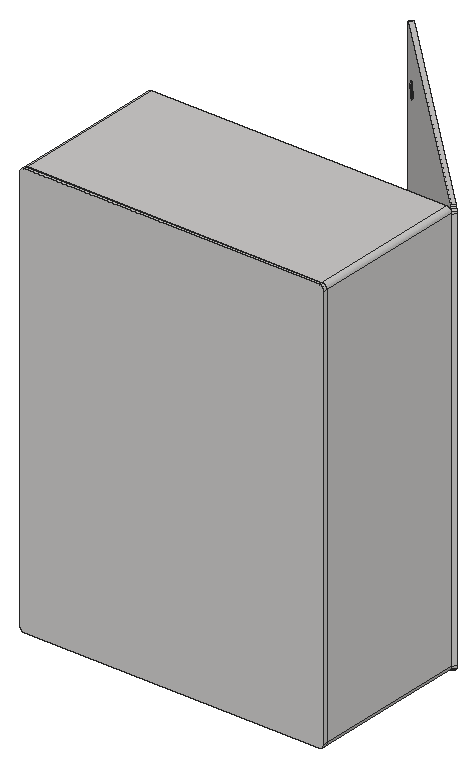
Revit family "Building-ContenitoriParete-GEWISS-46QX-QUADRI-INOX_PORTA_CIECA", category Attrezzatura elettrica, host Muro, Revit 2016
Family settings
  Host = Muro
  Configurazione quadro = Due colonne, circuiti in orizzontale
  Tipo di parte = Pannello comandi
  Quota connettore circolare = Usa diametro
  Numero OmniClass = 23.80.30.11.17
  Titolo OmniClass = Distribution Boards and Control Panels
  Sempre verticale = Sì
  Taglio con vuoti quando caricato = No
  Condiviso = No
  Punto di calcolo locali = Sì
Parameters (values of type "GW46056 - QUADRO ACC.INOX PORTA CIECA 585x800X300")
  Vista di pianta [instance] = yes
  Versione file RFA = "18.0"
  URL = "https://www.gewiss.com/it/it"
  Tipologia porta = "Porta cieca"
  Tipo Materiale = "Acciaio inox"
  Tensione nominale massima di impiego (Ue) = "690V"
  Tensione nominale di tenuta ad impulso = "690V"
  Temperatura di impiego = "-25 +60 °C"
  Struttura quadro = GEWISS - ACCIAIO
  Sportello visibile [instance] = yes
  Spessore quadro = 300 mm
  Simbolo [instance] = yes
  Scheda Tecnica = "https://www.gewiss.com/it/it/search?q=GW46056"
  SEO = "Quadro"
  Resistenza agli urti = "IK10"
  Produttore = "GEWISS S.p.A."
  Potenza quadro = 0 V
  Potenza dissipabile B (W) = "159"
  Potenza dissipabile A (W) = "240"
  Porta = GEWISS - Pannello cieco : 2 FORI
  Pannello = GEWISS - ACCIAIO
  Offset etichetta nome quadro [instance] = 685.076 mm
  Normativa = "EN 61439-1, EN 61439-2, EN62208, EN 60670-1, IEC 60670-24"
  Norma di riferimento = "EN 61439-1, EN 61439-2, EN62208, EN 60670-1, IEC 60670-24"
  N. serrature = "2"
  N. mod. EN 50022: = "140 (28x5)"
  N. mod. EN 50022 = "140 (28x5)"
  Modello = "GW46056"
  Materiale = "Acciaio da 10/10 a 15/10 tipo INOX AISI 304"
  Maniglia visibile [instance] = yes
  Maniglia = GEWISS - NERO
  Larghezza quadro = 585 mm
  Immagine tipo = GW46052.jpg
  IFC.TypeObject = ""
  IFC.ExportType = ""
  IFC.ExportAs = ""
  IDT = "69fe8f77-02c8-4c36-8c1a-3acf6a8de6b9"
  IDF = "69525570-ba6f-4201-8dcb-05f3066920e9"
  H_quadro = 800 mm
  H_da terra = 500 mm
  Grado di protezione = "IP55"
  Glow Wire Test = "650°C"
  GW - NOME QUADRO [instance] = "NOME QUADRO"
  GEWISS SCHEDA TECNICA = "http://pro.gewiss.com/irj/portal/?NavigationTarget=pcd:portal_content/com.gewiss.ZPPFDMain/com.gewiss.ZPPFDITMain/com.gewiss.ZPPFDITMainDefault/com.gewiss.ZPPFDITPages/com.gewiss.ZPPFDITPagesAP/com.gewiss.ZPPFDITPagesAPCatalogo/com.gewiss.ZPPPDITAPProductDetail&codProd=GW46056"
  Fast & Easy = "Si"
  Famiglia = "46 QX"
  Etichetta nome quadro [instance] = yes
  Distanza_fori = 100 mm
  Distanza orizzontale del simbolo [instance] = 887.355 mm
  Distanza dal muro [instance] = 4.208 mm
  Dim. nominali BxHxP (mm) = "585x800x300"
  Dim. funzionali BxHxP (mm) = "585x800x300"
  Descrizione = "QUADRO ACC.INOX PORTA CIECA 585x800X300"
  Creato da GEWISS S.p.A. = ""
  Cornice simbolo [instance] = yes
  Codice Electrocod = "0320"
  Codice EAN = "8011564096967"
  Classificazione carico = Other
  Classe isolamento = "Predisposto con collare di messa a terra"
  Catalogo Serie = "46 QX"
  Catalogo = "BUILDING"
  Carico Apparente = 0 VA
  Caratteristiche = "Resistenza UV (EN 62208)"
  COBie.Tagnumber = ""
  COBie.CreatedOn = ""
  COBie.CreatebBy = ""
  COBie.ComponentRegisterItemID = ""
  COBie.Component.TagNumber = ""
  COBie.Component.Space = ""
  COBie.Component.SerialNumber = ""
  COBie.Component.InstallationDate = ""
  COBie.Component.Description = ""
  COBie.Component.BarCode = ""
  Bidimensionale = 2D - CEP QUADRI STAGNI GWPLAST IP55 : 2 fori
  Applicazione = "Per uso interno in luoghi soggetti a pulizie con getto d'acqua"
  Apertura quadro [instance] = 45.00°
  Angolo di apertura reale [instance] = if(Apertura quadro < 0.00°, 0.00°, if(Apertura quadro > 180.00°, 180.00°, Apertura quadro))  # 45.00°
Types (3, lengths in mm): name | Spessore quadro | Scheda Tecnica | Potenza dissipabile B (W) | Potenza dissipabile A (W) | N. mod. EN 50022: | N. mod. EN 50022 | Modello | Larghezza quadro | IDT | H_quadro | GEWISS SCHEDA TECNICA | Dim. nominali BxHxP (mm) | Dim. funzionali BxHxP (mm) | Descrizione | Codice EAN
  GW46052 - QUADRO ACC.INOX PORTA CIECA 310x425X160 | 160 | "https://www.gewiss.com/it/it/search?q=GW46052" | "58" | "70" | "36 (12x3)" | "36 (12x3)" | "GW46052" | 313 | "7f936186-d6ea-43f4-b79a-bd5195405f15" | 424 | "http://pro.gewiss.com/irj/portal/?NavigationTarget=pcd:portal_content/com.gewiss.ZPPFDMain/com.gewiss.ZPPFDITMain/com.gewiss.ZPPFDITMainDefault/com.gewiss.ZPPFDITPages/com.gewiss.ZPPFDITPagesAP/com.gewiss.ZPPFDITPagesAPCatalogo/com.gewiss.ZPPPDITAPProductDetail&codProd=GW46052" | "310x425x160" | "310x425x160" | "QUADRO ACC.INOX PORTA CIECA 310x425X160" | "8011564096943"
  GW46054 - QUADRO ACC.INOX PORTA CIECA 405x650X200 | 200 | "https://www.gewiss.com/it/it/search?q=GW46054" | "97" | "135" | "72 (18x4)" | "72 (18x4)" | "GW46054" | 405 | "97958a02-1e10-4aba-bb04-cd70829b16fd" | 650 | "http://pro.gewiss.com/irj/portal/?NavigationTarget=pcd:portal_content/com.gewiss.ZPPFDMain/com.gewiss.ZPPFDITMain/com.gewiss.ZPPFDITMainDefault/com.gewiss.ZPPFDITPages/com.gewiss.ZPPFDITPagesAP/com.gewiss.ZPPFDITPagesAPCatalogo/com.gewiss.ZPPPDITAPProductDetail&codProd=GW46054" | "405x650x200" | "405x650x200" | "QUADRO ACC.INOX PORTA CIECA 405x650X200" | "8011564096950"
  GW46056 - QUADRO ACC.INOX PORTA CIECA 585x800X300 | 300 | "https://www.gewiss.com/it/it/search?q=GW46056" | "159" | "240" | "140 (28x5)" | "140 (28x5)" | "GW46056" | 585 | "69fe8f77-02c8-4c36-8c1a-3acf6a8de6b9" | 800 | "http://pro.gewiss.com/irj/portal/?NavigationTarget=pcd:portal_content/com.gewiss.ZPPFDMain/com.gewiss.ZPPFDITMain/com.gewiss.ZPPFDITMainDefault/com.gewiss.ZPPFDITPages/com.gewiss.ZPPFDITPagesAP/com.gewiss.ZPPFDITPagesAPCatalogo/com.gewiss.ZPPPDITAPProductDetail&codProd=GW46056" | "585x800x300" | "585x800x300" | "QUADRO ACC.INOX PORTA CIECA 585x800X300" | "8011564096967"
Reference planes
  plane 1 "Muro": y = 0
  plane 2 "Centro (Sinistra/Destra)": x = 125
  plane 3 "Indietro": y = 75
  plane 4 "SX": x = -167.5
  plane 5 "DX": x = 417.5
  plane 6: y = 381
  plane 7 "Base quadro": z = 500
  plane 8: z = 1300
  plane 9: y = 81
  plane 10: z = 900
  plane 11: x = -1054.855
  plane 12: y = 760.076
Forms (mm)
  Extrusion 1, solid, material "GEWISS - ACCIAIO" <- "Struttura quadro"
    sketch origin (0, 0, 0) x (1, 0, 0) y (0, 0, 1)
      loop
        line (408.113, 1300) -> (-158.113, 1300)
        arc (-158.113, 1300) -> (-164.751, 1297.251) -> (-167.5, 1290.613) r 9.387
        line (-167.5, 1290.613) -> (-167.5, 509.387)
        arc (-167.5, 509.387) -> (-164.751, 502.749) -> (-158.113, 500) r 9.387
        line (-158.113, 500) -> (408.113, 500)
        arc (408.113, 500) -> (414.751, 502.749) -> (417.5, 509.387) r 9.387
        line (417.5, 509.387) -> (417.5, 1290.613)
        arc (417.5, 1290.613) -> (414.751, 1297.251) -> (408.113, 1300) r 9.387
      loop
        line (392.113, 1280) -> (-142.113, 1280)
        arc (-142.113, 1280) -> (-145.922, 1278.422) -> (-147.5, 1274.613) r 5.387
        line (-147.5, 1274.613) -> (-147.5, 525.387)
        arc (-147.5, 525.387) -> (-145.922, 521.578) -> (-142.113, 520) r 5.387
        line (-142.113, 520) -> (392.113, 520)
        arc (392.113, 520) -> (395.922, 521.578) -> (397.5, 525.387) r 5.387
        line (397.5, 525.387) -> (397.5, 1274.613)
        arc (397.5, 1274.613) -> (395.922, 1278.422) -> (392.113, 1280) r 5.387
    from -381 to -81
  Extrusion 2, solid, material "GEWISS - ACCIAIO" <- "Pannello"
    sketch origin (0, 0, 0) x (1, 0, 0) y (0, 0, 1)
      loop
        arc (-158.113, 1300) -> (-164.751, 1297.251) -> (-167.5, 1290.613) r 9.387
        line (-167.5, 1290.613) -> (-167.5, 509.387)
        arc (-167.5, 509.387) -> (-164.751, 502.749) -> (-158.113, 500) r 9.387
        line (-158.113, 500) -> (408.113, 500)
        arc (408.113, 500) -> (414.751, 502.749) -> (417.5, 509.387) r 9.387
        line (417.5, 509.387) -> (417.5, 1290.613)
        arc (417.5, 1290.613) -> (414.751, 1297.251) -> (408.113, 1300) r 9.387
        line (408.113, 1300) -> (-158.113, 1300)
    from -81 to -75
Lines and regions (mm)
  Masking region 1, visible <- "Vista di pianta"
    outline origin (-33, 241, 0) x (0.984808, 0.173648, 0) y (-0.173648, 0.984808, 0)
      loop
        line (414.83, -241.707) -> (467.967, 59.645) -> (-108.146, 161.229) -> (-161.282, -140.122) -> (414.83, -241.707)
  Masking region 2
    outline origin (125, 0, 0) x (0, 1, 0) y (0, 0, 1)
      loop
        line (75, 500) -> (381, 500) -> (381, 1300) -> (75, 1300) -> (75, 500)
  Masking region 3, visible <- "Vista di pianta"
    outline origin (-33, 241, 0) x (0.984808, 0.173648, 0) y (-0.173648, 0.984808, 0)
      loop
        line (132.424, 538.849) -> (467.967, 59.645) -> (474.52, 64.233) -> (138.978, 543.437) -> (132.424, 538.849)
  reference lines
    curve 1: line (417.5, 381, 0) -> (134.657, 663.843, 0)
Text (mm)
  text "Lato posizionamento" at (-2540.362, 1733.729, 0), in view "Livello rif."
  text "Lato posizionamento" at (0, 1409.804, 2854.306), in view "Sinistra"
  text "Lato posizionamento" at (0, 499.811, 2980.732), in view "Destra"
Dimensions and locks
  locked: plane 3 "Indietro" to host wall
  "H_da terra": level to plane 7 "Base quadro"
  "H_quadro": plane 7 "Base quadro" to plane 8
  locked: plane 9 to host wall at 6
  "Spessore quadro": plane 6 to plane 9
  equal spacing: plane 7 "Base quadro", plane 10, plane 8
  "Larghezza quadro": plane 4 "SX" to plane 5 "DX"
  "Distanza orizzontale del simbolo": plane 11 to plane 4 "SX"
  "Offset etichetta nome quadro": plane 12 to plane 3 "Indietro"
  equal spacing: plane 4 "SX", plane 2 "Centro (Sinistra/Destra)", plane 5 "DX"
  locked: Extrusion 1 sketch curve to Extrusion 1 sketch curve at 20  (x4)
  "Apertura quadro": angle curve 1 to plane 6
  aligned and locked: plane 1 "Muro" to host wall
  aligned and locked: plane 8 to Extrusion 1 sketch curve
  aligned and locked: plane 5 "DX" to Extrusion 1 sketch curve
  aligned and locked: Extrusion 1 sketch curve to plane 7 "Base quadro"
  aligned and locked: Extrusion 1 sketch curve to plane 4 "SX"
  aligned and locked: plane 6 to Extrusion 1
  aligned and locked: Extrusion 1 to plane 9
  aligned and locked: plane 9 to Extrusion 2
  aligned and locked: Extrusion 2 to host wall
  aligned and locked: nested 2 to plane 12
  aligned and locked: plane 11 to nested 3
  aligned and locked: Masking region 1 sketch curve to plane 6
  aligned and locked: Masking region 1 sketch curve to plane 3 "Indietro"
  aligned and locked: Masking region 1 sketch curve to plane 5 "DX"
  aligned and locked: plane 4 "SX" to Masking region 1 sketch curve
  aligned and locked: Masking region 2 sketch curve to Extrusion 2
  aligned and locked: Masking region 2 sketch curve to Extrusion 1  (x2)
  aligned and locked: plane 10 to nested 4
  aligned and locked: plane 5 "DX" to nested 4
  aligned and locked: plane 7 "Base quadro" to nested 1
  aligned and locked: plane 6 to Masking region 1  (x2)
  aligned and locked: Extrusion 2 sketch curve to Extrusion 1  (x4)
  aligned and locked: plane 2 "Centro (Sinistra/Destra)" to nested 2
  aligned and locked: plane 5 "DX" to curve 1
  aligned and locked: nested 1 to curve 1
  aligned and locked: Masking region 3 sketch curve to nested 1  (x4)
Automatic sketch dimensions
  Extrusion 1 sketch curve to Extrusion 1 sketch curve = 5.387 mm  (x3)
  Extrusion 1 sketch curve to Extrusion 1 sketch curve = 10.613 mm
  Extrusion 1 sketch curve to Extrusion 1 sketch curve = 16 mm  (x4)
  Extrusion 2 sketch curve to Extrusion 2 sketch curve = 9.387 mm  (x2)
  Extrusion 2 sketch curve to plane 5 "DX" = 9.387 mm  (x2)
  Masking region 2 sketch curve to plane 7 "Base quadro" = 0 mm
  curve 1 to plane 6 = 0 mm
Nested families
  nested 1: "GEWISS - Pannello cieco" at (210.671, 587.829, 104) x (0.7071, -0.7071, 0) z (0, 0, 1), visible <- "Sportello visibile", H_pannello <- "H_quadro", Larghezza pannello <- "Larghezza quadro", type <- "Porta", type "2 FORI"
    with Larghezza pannello 585 mm, H_pannello 800 mm
  nested 2: "NOME QUADRO" at (125, 760.076, 0), TXT <- "GW - NOME QUADRO", visible <- "Etichetta nome quadro", type "NOME QUADRO"
    with TXT "NOME QUADRO"
  nested 3: "QUADRILAN" at (-1054.855, 75, 0), Distanza dal muro <- "Distanza dal muro", BORDO ACCESO <- "Cornice simbolo", SIMBOLO ACCESO <- "Simbolo", type "QUADRILAN"
    with SIMBOLO ACCESO yes, Distanza dal muro 4.208 mm, BORDO ACCESO yes
  nested 4: "2D - CEP QUADRI STAGNI GWPLAST IP55" at (125, 0, 900) x (-1, 0, 0) z (0, -1, 0), Altezza <- "H_quadro", Larghezza <- "Larghezza quadro", type <- "Bidimensionale", type "2 fori"
    with Larghezza 585 mm, Altezza 800 mm
Connectors
  electrical at (125, 231, 1300), driven by "Carico Apparente", driven by "Classificazione carico", driven by "Potenza quadro"
    settings: on Extrusion 1, index 1, voltage 0 V, apparent load 0 VA, apparent load phase1 0 VA, apparent load phase2 0 VA, apparent load phase3 0 VA, power factor 1, load classification "Other", number of poles 1, system type 31, power factor state 1, is connector primary yes, connector utility no, sub classification motor no, connector description ""
Definition of nested family "GEWISS - Pannello cieco"
  Parameters (values of type "2 FORI")
    Default Elevation = 1219.2 mm
    Pannello = none
    Maniglia = none
    Larghezza pannello [instance] = 316 mm
    H_pannello [instance] = 396 mm
    H_da terra = 396 mm
    2 FORI = yes
    1 FORO = no
  Types (3, lengths in mm): name | 2 FORI | 1 FORO
    (no name) | yes | no
    1 FORO | no | yes
    2 FORI | yes | no
  Reference planes
    plane 1 "Centro (Fronte/Retro)": y = 0
    plane 2: z = 0
    plane 3 "Centro (Sinistra/Destra)": x = 0
    plane 4: x = -158
    plane 5: x = 158
    plane 6: y = 8
    plane 7: z = 792
    plane 8: z = 396
    plane 9: z = 594
    plane 10: x = -115.8
    plane 11: z = 691.5
    plane 12: z = 508.2
  Forms (mm)
    Extrusion 1, solid, material <- "Pannello", visible <- "1 FORO"
      sketch origin (0, 0, 0) x (1, 0, 0) y (0, 0, 1)
        loop
          line (-148.613, 792) -> (-152.972, 790.92) -> (-155.581, 788.905) -> (-157.569, 785.491) -> (-158, 781.674) -> (-158, 406.326) -> (-157.277, 401.774) -> (-155.331, 398.831) -> (-152.312, 396.76) -> (-148.613, 396) -> (148.613, 396) -> (152.205, 396.714) -> (155.251, 398.749) -> (157.335, 401.918) -> (158, 406.326) -> (158, 781.674) -> (157.678, 785.136) -> (155.581, 788.905) -> (152.77, 791.023) -> (148.613, 792) -> (-148.613, 792)
        loop
          circle (-115.8, 594) r 14.644
      from -8 to 0
    Extrusion 2, solid, material <- "Maniglia", visible <- "1 FORO"
      sketch origin (0, 0, 0) x (1, 0, 0) y (0, 0, 1)
        loop
          circle (-115.8, 594) r 14.644
      from -8 to 0
    Extrusion 3, solid, material <- "Pannello", visible <- "2 FORI"
      sketch origin (0, 0, 0) x (1, 0, 0) y (0, 0, 1)
        loop
          line (-148.613, 792) -> (-152.972, 790.92) -> (-155.581, 788.905) -> (-157.569, 785.491) -> (-158, 781.674) -> (-158, 406.326) -> (-157.277, 401.774) -> (-155.331, 398.831) -> (-152.312, 396.76) -> (-148.613, 396) -> (148.613, 396) -> (152.205, 396.714) -> (155.251, 398.749) -> (157.335, 401.918) -> (158, 406.326) -> (158, 781.674) -> (157.678, 785.136) -> (155.581, 788.905) -> (152.77, 791.023) -> (148.613, 792) -> (-148.613, 792)
        loop
          circle (-115.8, 691.5) r 14.644
        loop
          circle (-115.8, 508.2) r 14.644
      from -8 to 0
    Extrusion 4, solid, material <- "Maniglia", visible <- "2 FORI"
      sketch origin (0, 0, 0) x (1, 0, 0) y (0, 0, 1)
        loop
          circle (-115.8, 691.5) r 14.644
        loop
          circle (-115.8, 508.2) r 14.644
      from -8 to 0
  Dimensions and locks
    locked: plane 1 "Centro (Fronte/Retro)" to plane 6 at 8
    "H_pannello": plane 7 to plane 8
    "H_da terra": plane 8 to plane 2
    "Larghezza pannello": plane 4 to plane 5
    equal spacing: plane 5, plane 3 "Centro (Sinistra/Destra)", plane 4
    equal spacing: plane 7, plane 9, plane 8
    locked: plane 7 to plane 11 at 100.5
    locked: plane 12 to plane 8 at 112.2
    locked: plane 10 to plane 4 at 42.2
    aligned and locked: level to plane 2
    aligned and locked: plane 6 to Extrusion 1
    aligned and locked: plane 1 "Centro (Fronte/Retro)" to Extrusion 1
    aligned and locked: plane 6 to Extrusion 2
    aligned and locked: plane 1 "Centro (Fronte/Retro)" to Extrusion 2
    aligned and locked: plane 9 to Extrusion 1 sketch curve
    aligned and locked: Extrusion 2 sketch curve to Extrusion 1
  Automatic sketch dimensions
    plane 4 to Extrusion 1 sketch curve = 0.431 mm
    plane 4 to Extrusion 1 sketch curve = 0.723 mm
    plane 4 to Extrusion 1 sketch curve = 2.419 mm
    plane 4 to Extrusion 1 sketch curve = 2.669 mm
    Extrusion 1 sketch curve to plane 7 = 1.08 mm
    Extrusion 1 sketch curve to Extrusion 1 sketch curve = 2.609 mm
    plane 8 to Extrusion 1 sketch curve = 0.76 mm
    Extrusion 1 sketch curve to Extrusion 1 sketch curve = 3.019 mm
    Extrusion 1 sketch curve to Extrusion 1 sketch curve = 4.359 mm
    Extrusion 1 sketch curve to Extrusion 1 sketch curve = 3.699 mm
    Extrusion 1 sketch curve to plane 5 = 9.387 mm  (x2)
    plane 8 to Extrusion 1 sketch curve = 0.714 mm
    Extrusion 1 sketch curve to Extrusion 1 sketch curve = 3.592 mm
    Extrusion 1 sketch curve to plane 7 = 0.977 mm
    Extrusion 1 sketch curve to Extrusion 1 sketch curve = 4.157 mm
    Extrusion 1 sketch curve to plane 5 = 2.749 mm
    Extrusion 1 sketch curve to plane 5 = 2.419 mm
    Extrusion 1 sketch curve to plane 5 = 0.665 mm
    Extrusion 1 sketch curve to plane 5 = 0.322 mm
    plane 8 to Extrusion 1 sketch curve = 2.749 mm
    plane 8 to Extrusion 1 sketch curve = 2.831 mm
    Extrusion 1 sketch curve to Extrusion 1 sketch curve = 2.944 mm
    Extrusion 1 sketch curve to Extrusion 1 sketch curve = 3.168 mm
    Extrusion 1 sketch curve to Extrusion 1 sketch curve = 4.408 mm
    Extrusion 1 sketch curve to Extrusion 1 sketch curve = 4.552 mm
    Extrusion 1 sketch curve to plane 7 = 10.326 mm  (x2)
    Extrusion 1 sketch curve to Extrusion 1 sketch curve = 3.462 mm
    Extrusion 1 sketch curve to Extrusion 1 sketch curve = 3.817 mm
    Extrusion 1 sketch curve to plane 7 = 3.095 mm  (x2)
    Extrusion 1 sketch curve to plane 4 = 0 mm
    Extrusion 1 sketch curve to plane 5 = 0 mm
    Extrusion 1 sketch curve to plane 8 = 0 mm
    Extrusion 1 sketch curve to plane 7 = 0 mm
    Extrusion 1 sketch curve to plane 10 = 0 mm
    Extrusion 1 sketch curve to Extrusion 1 sketch curve = 14.644 mm
    Extrusion 3 sketch curve to Extrusion 3 sketch curve = 0 mm  (x4)
    Extrusion 3 sketch curve to plane 4 = 0 mm
    Extrusion 3 sketch curve to plane 7 = 0 mm
    Extrusion 3 sketch curve to plane 8 = 0 mm
    Extrusion 3 sketch curve to plane 11 = 0 mm
    Extrusion 3 sketch curve to plane 12 = 0 mm
    Extrusion 3 sketch curve to plane 10 = 0 mm  (x2)
    Extrusion 3 sketch curve to plane 5 = 0 mm
    plane 4 to Extrusion 3 sketch curve = 0.431 mm
    plane 4 to Extrusion 3 sketch curve = 0.723 mm
    plane 4 to Extrusion 3 sketch curve = 2.419 mm
    plane 4 to Extrusion 3 sketch curve = 2.669 mm
    Extrusion 3 sketch curve to plane 7 = 1.08 mm
    Extrusion 3 sketch curve to Extrusion 3 sketch curve = 2.609 mm
    plane 8 to Extrusion 3 sketch curve = 0.76 mm
    Extrusion 3 sketch curve to Extrusion 3 sketch curve = 3.019 mm
    Extrusion 3 sketch curve to Extrusion 3 sketch curve = 4.359 mm
    Extrusion 3 sketch curve to Extrusion 3 sketch curve = 3.699 mm
    Extrusion 3 sketch curve to plane 5 = 9.387 mm  (x2)
    plane 8 to Extrusion 3 sketch curve = 0.714 mm
    Extrusion 3 sketch curve to Extrusion 3 sketch curve = 3.592 mm
    Extrusion 3 sketch curve to plane 7 = 0.977 mm
    Extrusion 3 sketch curve to Extrusion 3 sketch curve = 4.157 mm
    Extrusion 3 sketch curve to plane 5 = 2.749 mm
    Extrusion 3 sketch curve to plane 5 = 2.419 mm
    Extrusion 3 sketch curve to plane 5 = 0.665 mm
    Extrusion 3 sketch curve to plane 5 = 0.322 mm
    plane 8 to Extrusion 3 sketch curve = 2.749 mm
    plane 8 to Extrusion 3 sketch curve = 2.831 mm
    Extrusion 3 sketch curve to Extrusion 3 sketch curve = 2.944 mm
    Extrusion 3 sketch curve to Extrusion 3 sketch curve = 3.168 mm
    Extrusion 3 sketch curve to Extrusion 3 sketch curve = 4.552 mm
    Extrusion 3 sketch curve to Extrusion 3 sketch curve = 4.408 mm
    Extrusion 3 sketch curve to plane 7 = 10.326 mm  (x2)
    Extrusion 3 sketch curve to Extrusion 3 sketch curve = 3.462 mm
    Extrusion 3 sketch curve to Extrusion 3 sketch curve = 3.817 mm
    Extrusion 3 sketch curve to plane 7 = 3.095 mm  (x2)
    Extrusion 3 sketch curve to Extrusion 3 sketch curve = 14.644 mm  (x2)
    Extrusion 4 sketch curve to plane 10 = 0 mm  (x2)
    Extrusion 4 sketch curve to plane 12 = 0 mm
    Extrusion 4 sketch curve to plane 11 = 0 mm
    radius of Extrusion 4 sketch curve = 14.644 mm  (x2)
Definition of nested family "NOME QUADRO"
  Parameters (values of type "NOME QUADRO")
    TXT [instance] = ""
  Reference planes
    plane 1: y = 0
    plane 2: x = 0
  Text (mm)
    label "NOME QUADRO" at (0.217, 0.029, 0), shows "TXT"
Definition of nested family "QUADRILAN"
  Parameters (values of type "QUADRILAN")
    SIMBOLO ACCESO [instance] = yes
    Distanza dal muro [instance] = 4.208 mm
    BORDO ACCESO [instance] = yes
  Reference planes
    plane 1: y = 0
    plane 2: x = 0
  Dimensions and locks
    "Distanza dal muro": plane 1 to nested 1
    aligned and locked: plane 2 to nested 1
  Nested families
    nested 1: "QUADRILAN_BASE" at (0, 4.208, 0), BORDO ACCESO <- "BORDO ACCESO", visible <- "SIMBOLO ACCESO", type "QUADRILAN"
      with BORDO ACCESO yes
  Definition of nested family "QUADRILAN_BASE"
    Parameters (values of type "QUADRILAN")
      Distanza dal muro = 4.208 mm
      BORDO ACCESO [instance] = yes
    Reference planes
      plane 1: y = 0
      plane 2: x = 0
    Lines and regions (mm)
      detail lines, visible <- "BORDO ACCESO"
        curve 1: line (-2, 2.5, 0) -> (2, 2.5, 0)
        curve 2: line (2, 2.5, 0) -> (2, 0, 0)
        curve 3: line (2, 0, 0) -> (-2, 0, 0)
        curve 4: line (-2, 0, 0) -> (-2, 2.5, 0)
        curve 5: line (-1.9, 2.4, 0) -> (1.9, 2.4, 0)
        curve 6: line (1.9, 2.4, 0) -> (1.9, 0.1, 0)
        curve 7: line (1.9, 0.1, 0) -> (-1.9, 0.1, 0)
        curve 8: line (-1.9, 0.1, 0) -> (-1.9, 2.4, 0)
      detail lines, visible <- "BORDO ACCESO", not visible
        curve 9: line (-2.443, 10.208, 0) -> (2.057, 10.208, 0)
        curve 10: line (2.057, 10.208, 0) -> (2.057, 4.208, 0)
        curve 11: line (2.057, 4.208, 0) -> (-2.443, 4.208, 0)
        curve 12: line (-2.443, 4.208, 0) -> (-2.443, 10.208, 0)
        curve 13: line (-2.043, 9.808, 0) -> (1.657, 9.808, 0)
        curve 14: line (1.657, 9.808, 0) -> (1.657, 4.608, 0)
        curve 15: line (1.657, 4.608, 0) -> (-2.043, 4.608, 0)
        curve 16: line (-2.043, 4.608, 0) -> (-2.043, 9.808, 0)
      detail lines
        curve 17: line (1.731, 0.358, 0) -> (-1.731, 2.088, 0)
        curve 18: line (-1.731, 2.088, 0) -> (-0.201, 2.088, 0)
        curve 19: line (-0.201, 2.088, 0) -> (1.731, 2.088, 0)
        curve 20: line (1.731, 2.088, 0) -> (1.731, 0.358, 0)
        curve 21: line (1.731, 0.358, 0) -> (-1.731, 0.358, 0)
        curve 22: line (-1.731, 0.358, 0) -> (-1.731, 2.088, 0)
    Dimensions and locks
      aligned and locked: curve 3 to plane 1
Definition of nested family "2D - CEP QUADRI STAGNI GWPLAST IP55"
  Parameters (values of type "1 foro")
    Larghezza [instance] = 396 mm
    Altezza [instance] = 474 mm
    2 fori = no
    1 foro = yes
  Types (2, lengths in mm): name | 2 fori | 1 foro
    1 foro | no | yes
    2 fori | yes | no
  Reference planes
    plane 1 "Centro (Fronte/Retro)": y = 0
    plane 2: z = 0
    plane 3 "Centro (Sinistra/Destra)": x = 0
    plane 4: x = -198
    plane 5: x = 198
    plane 6: y = 237
    plane 7: y = -237
  Lines and regions (mm)
    model lines, in view "Livello rif.", visible <- "2 fori", detail levels medium+fine
      curve 1: circle (155.757, -136.483, 0) r 14.644 normal (0, 0, 1)
      curve 2: circle (155.757, -136.483, 0) r 11.828 normal (0, 0, 1)
      curve 3: circle (155.757, -136.483, 0) r 7.04 normal (0, 0, 1)
      curve 4: circle (155.757, 124.834, 0) r 11.828 normal (0, 0, 1)
      curve 5: circle (155.757, 124.834, 0) r 14.644 normal (0, 0, 1)
      curve 6: circle (155.757, 124.834, 0) r 7.04 normal (0, 0, 1)
    model lines, in view "Livello rif."
      curve 7: line (-188.613, -237, 0) -> (-192.172, -236.299, 0)
      curve 8: line (-192.172, -236.299, 0) -> (-195.251, -234.251, 0)
      curve 9: line (-195.251, -234.251, 0) -> (-197.445, -230.793, 0)
      curve 10: line (-197.445, -230.793, 0) -> (-198, -227.613, 0)
      curve 11: line (-198, -227.613, 0) -> (-198, 226.674, 0)
      curve 13: line (198, 226.674, 0) -> (198, -227.613, 0)
      curve 14: line (198, -227.613, 0) -> (197.281, -231.215, 0)
      curve 15: line (197.281, -231.215, 0) -> (195.251, -234.251, 0)
      curve 16: line (195.251, -234.251, 0) -> (192.25, -236.267, 0)
      curve 17: line (192.25, -236.267, 0) -> (188.613, -237, 0)
      curve 18: line (188.613, -237, 0) -> (-188.613, -237, 0)
      curve 20: line (-198, 226.674, 0) -> (-198, 227.613, 0)
      curve 21: line (-198, 227.613, 0) -> (-197.339, 231.072, 0)
      curve 22: line (-197.339, 231.072, 0) -> (-195.362, 234.137, 0)
      curve 23: line (-195.362, 234.137, 0) -> (-192.869, 235.98, 0)
      curve 24: line (-192.869, 235.98, 0) -> (-188.613, 237, 0)
      curve 25: line (-188.613, 237, 0) -> (188.613, 237, 0)
      curve 26: line (188.613, 237, 0) -> (192.796, 236.016, 0)
      curve 27: line (192.796, 236.016, 0) -> (195.251, 234.251, 0)
      curve 28: line (195.251, 234.251, 0) -> (197.047, 231.734, 0)
      curve 29: line (197.047, 231.734, 0) -> (198, 227.613, 0)
      curve 30: line (198, 227.613, 0) -> (198, 226.674, 0)
    model lines, in view "Livello rif.", detail levels medium+fine
      curve 12: line (-198, 226.674, 0) -> (198, 226.674, 0)
      curve 19: line (198, -226.674, 0) -> (-198, -226.674, 0)
    detail lines, in view "Livello rif.", visible <- "1 foro", detail levels medium+fine
      curve 31: circle (155.757, 0, 0) r 11.828 normal (0, 0, 1)
      curve 32: circle (155.757, 0, 0) r 14.644 normal (0, 0, 1)
      curve 33: circle (155.757, 0, 0) r 7.04 normal (0, 0, 1)
  Dimensions and locks
    equal spacing: plane 6, plane 1 "Centro (Fronte/Retro)", plane 7
    "Altezza": plane 6 to plane 7
    equal spacing: plane 4, plane 3 "Centro (Sinistra/Destra)", plane 5
    "Larghezza": plane 4 to plane 5
    locked: curve 6 to plane 5 at 42.243
    locked: plane 6 to curve 5 at 112.166
    locked: curve 1 to plane 7 at 100.517
    curve 2 to plane 5 = 42.243 mm
    locked: curve 31 to plane 5 at 42.243
    aligned and locked: curve 25 to plane 6
    aligned and locked: plane 7 to curve 18
    aligned and locked: curve 13 to plane 5
    aligned and locked: plane 4 to curve 11
  Automatic sketch dimensions
    curve 1 to curve 2 = 0 mm  (x2)
    curve 1 to curve 3 = 0 mm  (x2)
    curve 4 to curve 5 = 0 mm  (x2)
    curve 4 to curve 6 = 0 mm  (x2)
    curve 31 to curve 32 = 0 mm  (x3)
    curve 32 to curve 33 = 0 mm  (x3)
    plane 4 to curve 10 = 0.555 mm
    plane 4 to curve 22 = 0.661 mm
    plane 4 to curve 22 = 2.638 mm
    plane 4 to curve 9 = 2.749 mm
    curve 23 to plane 6 = 1.02 mm
    curve 22 to curve 23 = 2.493 mm
    plane 7 to curve 8 = 0.701 mm
    curve 8 to curve 8 = 3.078 mm
    curve 7 to curve 18 = 3.56 mm
    curve 23 to curve 24 = 4.256 mm
    curve 26 to plane 5 = 9.387 mm
    curve 17 to plane 5 = 9.387 mm
    plane 7 to curve 16 = 0.733 mm
    curve 17 to curve 16 = 3.637 mm
    curve 26 to plane 6 = 0.984 mm
    curve 25 to curve 26 = 4.183 mm
    curve 28 to plane 5 = 2.749 mm
    curve 15 to plane 5 = 2.749 mm
    curve 28 to plane 5 = 0.953 mm
    curve 14 to plane 5 = 0.719 mm
    plane 7 to curve 15 = 2.749 mm
    plane 7 to curve 8 = 2.749 mm
    curve 15 to curve 15 = 3.036 mm
    curve 8 to curve 9 = 3.458 mm
    curve 9 to curve 11 = 3.18 mm
    curve 14 to curve 13 = 3.602 mm
    curve 20 to plane 6 = 10.326 mm
    curve 12 to curve 29 = 0.939 mm
    curve 11 to curve 21 = 0.939 mm
    curve 20 to curve 22 = 3.46 mm
    curve 29 to curve 28 = 4.121 mm
    curve 22 to plane 6 = 2.863 mm
    curve 27 to plane 6 = 2.749 mm
    curve 13 to curve 19 = 0.939 mm
    curve 31 to curve 33 = 0 mm
    plane 1 "Centro (Fronte/Retro)" to curve 33 = 0 mm
    radius of curve 1 = 14.644 mm
    radius of curve 2 = 11.828 mm
    radius of curve 3 = 7.04 mm
    radius of curve 4 = 11.828 mm
    radius of curve 5 = 14.644 mm
    radius of curve 6 = 7.04 mm
    radius of curve 31 = 11.828 mm
    radius of curve 32 = 14.644 mm
    radius of curve 33 = 7.04 mm
